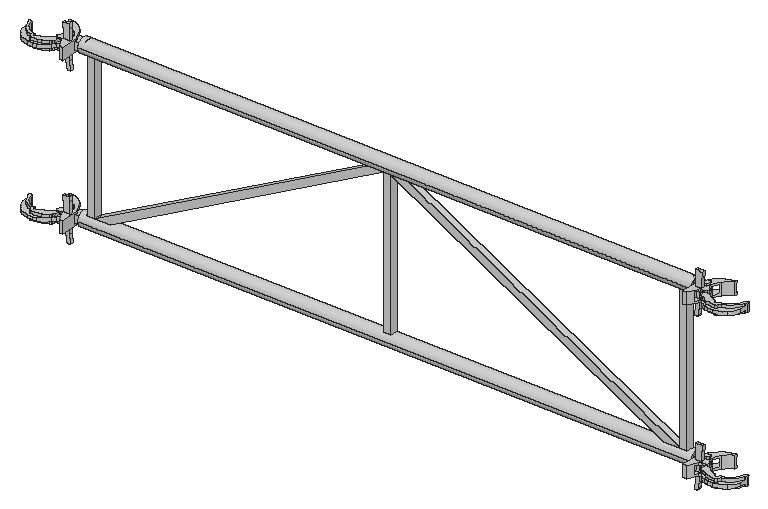
Revit family "EHL_BRACING FRAME 2,32_2220120", category Generic Models, Revit 2018
Family settings
  Can host rebar = No
  Round Connector Dimension = Use Diameter
  Part Type = Normal
  OmniClass Number = 35.51.14.00
  OmniClass Title = FORMWORK
  Work Plane-Based = Yes
  Always vertical = No
  Cut with Voids When Loaded = No
  Shared = Yes
  Room Calculation Point = No
Parameters
  VERSION = "20190101"  # constant formula
  URL = "www.ulmaconstruction.com/en"
  UNICLASS = ""
  ITEM_CODE = "2220120"
  Manufacturer = "ULMA CONSTRUCTION"  # constant formula
  FILTER [instance] = ""
  Default Elevation = 0.000 mm
  CLASSIFICATION_TITLE = ""
  CLASSIFICATION_NUMBER = ""
Reference planes
  plane 1 "Centro (Frontal/Posterior)": y = 0
  plane 2: z = 0
  plane 3 "Centro (Izquierda/Derecha)": x = 0
  plane 4 "SECOND HOOK": z = -530
  plane 5 "ITEM_LENGTH": x = 2320
Forms (mm)
  Extrusion 1, solid, material "ULMA ZINC", detail levels fine
    sketch origin (0, 0, 0) x (0, 1, 0) y (0, 0, 1)
      loop
        circle (0, 0) r 21.25
    from 112.779 to 131.962
  Extrusion 2, solid, material "ULMA ZINC", detail levels fine
    sketch origin (0, 0, 0) x (1, 0, 0) y (0, 1, 0)
      loop
        arc (-9.415, -54.949) -> (-39.125, -39.715) -> (-54.802, -10.236) r 55.75
        arc (-54.802, -10.236) -> (-55.276, -9.18) -> (-56.181, -8.458) r 2.46
        line (-56.181, -8.458) -> (-62.543, -5.491)
        arc (-62.543, -5.491) -> (-65.221, -5.854) -> (-66.004, -8.441) r 2.5
        line (-66.004, -8.441) -> (-65.503, -10.204) -> (-62.722, -35.861)
        arc (-62.722, -35.861) -> (-56.857, -54.21) -> (-44.498, -68.985) r 50.058
        arc (-44.498, -68.985) -> (-27.276, -79.37) -> (-7.835, -84.52) r 71.127
        line (-7.835, -84.52) -> (9.041, -84.52)
        arc (9.041, -84.52) -> (15.444, -83.458) -> (21.727, -81.83) r 72.924
        arc (21.727, -81.83) -> (38.94, -72.801) -> (51.518, -57.981) r 50.939
        arc (51.518, -57.981) -> (54.926, -53.297) -> (59.315, -49.519) r 25
        arc (59.315, -49.519) -> (69.169, -42.343) -> (78.5, -34.5) r 175.396
        line (78.5, -34.5) -> (79.668, -21.151)
        arc (79.668, -21.151) -> (80.95, -18.551) -> (83.653, -17.5) r 4
        line (83.653, -17.5) -> (112.779, -17.5) -> (112.779, 21) -> (110, 21) -> (80.183, 8.953)
        arc (80.183, 8.953) -> (63.164, -2.449) -> (52.146, -19.72) r 50
        arc (52.146, -19.72) -> (46.491, -30.767) -> (38.533, -40.29) r 55.75
        arc (38.533, -40.29) -> (25.075, -49.793) -> (9.427, -54.947) r 55.75
        arc (9.427, -54.947) -> (8.551, -55.329) -> (7.953, -56.073) r 2
        line (7.953, -56.073) -> (6.194, -59.845)
        arc (6.194, -59.845) -> (5.456, -60.687) -> (4.381, -61) r 2
        line (4.381, -61) -> (-4.381, -61)
        arc (-4.381, -61) -> (-5.456, -60.687) -> (-6.194, -59.845) r 2
        line (-6.194, -59.845) -> (-7.952, -56.075)
        spline (-7.952, -56.075) -> (-8.025, -55.934) -> (-8.109, -55.798) -> (-8.204, -55.67) -> (-8.309, -55.55) -> (-8.423, -55.439) -> (-8.546, -55.337) -> (-8.677, -55.246) -> (-8.814, -55.165) -> (-8.958, -55.096) -> (-9.107, -55.038) -> (-9.26, -54.992) -> (-9.415, -54.949)
      loop
        circle (75, -5) r 5.25
    from -14.2 to 14.2
  Extrusion 3, void
    sketch origin (0, 0, 0) x (0, -1, 0) y (0, 0, -1)
      loop
        arc (-9.288, -8.299) -> (-6.038, -6.696) -> (-4.724, -3.318) r 5
        line (-4.724, -3.318) -> (-4.724, 3.318)
        arc (-4.724, 3.318) -> (-6.038, 6.696) -> (-9.288, 8.299) r 5
        line (-9.288, 8.299) -> (-24, 9.586) -> (-24, -9.586) -> (-9.288, -8.299)
    from 69.04 to 137.016
  Extrusion 4, void
    sketch origin (0, 0, 0) x (1, 0, 0) y (0, 1, 0)
      loop
        arc (-17.172, -61.068) -> (-43.879, -45.835) -> (-60.07, -19.699) r 62.406
        line (-60.07, -19.699) -> (-66.013, -14.348) -> (-66.013, -86.27) -> (80.89, -86.27) -> (80.89, -20.894)
        arc (80.89, -20.894) -> (73.161, -21.045) -> (65.431, -21.139) r 1055.933
        arc (65.431, -21.139) -> (61.807, -25.128) -> (58.331, -29.248) r 147.622
        line (58.331, -29.248) -> (56.547, -48.914)
        arc (56.547, -48.914) -> (54.986, -51.483) -> (53.221, -53.917) r 36.931
        line (53.221, -53.917) -> (50.918, -56.844) -> (47.592, -60.536)
        arc (47.592, -60.536) -> (37.876, -65.558) -> (27.858, -69.948) r 170.736
        arc (27.858, -69.948) -> (11.017, -74.507) -> (-6.42, -75.069) r 75.203
        arc (-6.42, -75.069) -> (-10.277, -73.661) -> (-12.897, -70.501) r 7.858
        arc (-12.897, -70.501) -> (-15.044, -65.777) -> (-17.172, -61.068) r 2222.639
    from 5.6 to 14.2
  Extrusion 5, void
    sketch origin (0, 0, -35) x (1, 0, 0) y (0, 1, 0)
      loop
        arc (-17.172, -61.068) -> (-43.879, -45.835) -> (-60.07, -19.699) r 62.406
        line (-60.07, -19.699) -> (-66.013, -14.348) -> (-66.013, -86.27) -> (80.89, -86.27) -> (80.89, -20.894)
        arc (80.89, -20.894) -> (73.161, -21.045) -> (65.431, -21.139) r 1055.933
        arc (65.431, -21.139) -> (61.807, -25.128) -> (58.331, -29.248) r 147.622
        line (58.331, -29.248) -> (56.547, -48.914)
        arc (56.547, -48.914) -> (54.986, -51.483) -> (53.221, -53.917) r 36.931
        line (53.221, -53.917) -> (50.918, -56.844) -> (47.592, -60.536)
        arc (47.592, -60.536) -> (37.876, -65.558) -> (27.858, -69.948) r 170.736
        arc (27.858, -69.948) -> (11.017, -74.507) -> (-6.42, -75.069) r 75.203
        arc (-6.42, -75.069) -> (-10.277, -73.661) -> (-12.897, -70.501) r 7.858
        arc (-12.897, -70.501) -> (-15.044, -65.777) -> (-17.172, -61.068) r 2222.639
    from 20.8 to 29.4
  Extrusion 6, solid, material "ULMA ZINC", detail levels fine
    sketch origin (0, 0, 0) x (1, 0, 0) y (0, 1, 0)
      loop
        arc (88.479, 13.391) -> (63.063, 42.619) -> (26.896, 56.482) r 80
        arc (26.896, 56.482) -> (23.121, 54.016) -> (24.908, 49.876) r 3.5
        arc (24.908, 49.876) -> (39.309, 39.533) -> (49.734, 25.19) r 55.75
        arc (49.734, 25.19) -> (61.962, 1.553) -> (52.083, -23.159) r 32
        arc (52.083, -23.159) -> (50.416, -26.594) -> (48.522, -29.91) r 57
        arc (48.522, -29.91) -> (48.319, -32.667) -> (50.457, -34.42) r 3
        line (50.457, -34.42) -> (68.517, -38.23)
        arc (68.517, -38.23) -> (72.482, -40.036) -> (75.302, -43.357) r 10
        line (75.302, -43.357) -> (90.904, -73) -> (103.699, -73) -> (100.509, -12.123)
        arc (100.509, -12.123) -> (100.181, -10.058) -> (99.432, -8.106) r 10
        line (99.432, -8.106) -> (88.479, 13.391)
    from -19.75 to 19.75
  Extrusion 7, void
    sketch origin (0, 0, 0) x (1, 0, 0) y (0, 1, 0)
      loop
        arc (53.518, 21.701) -> (61.984, -1.023) -> (52.083, -23.159) r 32
        arc (52.083, -23.159) -> (50.416, -26.594) -> (48.522, -29.91) r 57
        arc (48.522, -29.91) -> (48.319, -32.667) -> (50.457, -34.42) r 3
        line (50.457, -34.42) -> (68.517, -38.23)
        arc (68.517, -38.23) -> (72.482, -40.036) -> (75.302, -43.357) r 10
        line (75.302, -43.357) -> (81.718, -55.548) -> (94, -55.548) -> (94, -23) -> (101.079, -23) -> (100.509, -12.123)
        arc (100.509, -12.123) -> (100.181, -10.058) -> (99.432, -8.106) r 10
        line (99.432, -8.106) -> (88.479, 13.391)
        arc (88.479, 13.391) -> (63.063, 42.619) -> (26.896, 56.482) r 80
        arc (26.896, 56.482) -> (24.143, 55.62) -> (22.972, 52.984) r 3.5
        arc (22.972, 52.984) -> (24.396, 52.344) -> (25.802, 51.665) r 57.75
        arc (25.802, 51.665) -> (42.395, 39.213) -> (53.518, 21.701) r 57.75
    from -14.75 to 14.75
  Extrusion 8, solid, material "ULMA ZINC", detail levels fine
    sketch origin (0, 0, 0) x (1, 0, 0) y (0, 0, 1)
      loop
        line (69.566, 68.569) -> (83.484, -66.214)
        arc (83.484, -66.214) -> (85.85, -70.589) -> (90.616, -72.011) r 6.499
        line (90.616, -72.011) -> (97.081, -71.344) -> (93.997, -41.477) -> (93.997, 55.885) -> (92.444, 70.931) -> (69.566, 68.569)
    from 23.25 to 31.75
  Extrusion 9, solid, material "ULMA ZINC", detail levels fine
    sketch origin (0, 0, 0) x (1, 0, 0) y (0, 1, 0)
      loop
        line (70.093, 3.5) -> (65.185, -5) -> (70.093, -13.5) -> (79.907, -13.5) -> (84.815, -5) -> (79.907, 3.5) -> (70.093, 3.5)
    from 19.75 to 26.75
  Extrusion 10, solid, material "ULMA ZINC", detail levels fine
    sketch origin (0, 0, -46.5) x (1, 0, 0) y (0, 1, 0)
      loop
        line (70.093, 3.5) -> (65.185, -5) -> (70.093, -13.5) -> (79.907, -13.5) -> (84.815, -5) -> (79.907, 3.5) -> (70.093, 3.5)
    from 19.75 to 26.75
  Extrusion 11, solid, material "ULMA ZINC", detail levels fine
    sketch origin (2320, 0, 0) x (0, 1, 0) y (0, 0, -1)
      loop
        circle (0, 0) r 21.25
    from 112.779 to 131.962
  Extrusion 12, solid, material "ULMA ZINC", detail levels fine
    sketch origin (2320, 0, 0) x (-1, 0, 0) y (0, -1, 0)
      loop
        spline (-9.415, 54.949) -> (-9.26, 54.992) -> (-9.107, 55.038) -> (-8.958, 55.096) -> (-8.814, 55.165) -> (-8.677, 55.246) -> (-8.546, 55.337) -> (-8.423, 55.439) -> (-8.309, 55.55) -> (-8.204, 55.67) -> (-8.109, 55.798) -> (-8.025, 55.934) -> (-7.952, 56.075)
        line (-7.952, 56.075) -> (-6.194, 59.845)
        arc (-6.194, 59.845) -> (-5.456, 60.687) -> (-4.381, 61) r 2
        line (-4.381, 61) -> (4.381, 61)
        arc (4.381, 61) -> (5.456, 60.687) -> (6.194, 59.845) r 2
        line (6.194, 59.845) -> (7.953, 56.073)
        arc (7.953, 56.073) -> (8.551, 55.329) -> (9.427, 54.947) r 2
        arc (9.427, 54.947) -> (25.075, 49.793) -> (38.533, 40.29) r 55.75
        arc (38.533, 40.29) -> (46.491, 30.767) -> (52.146, 19.72) r 55.75
        arc (52.146, 19.72) -> (63.164, 2.449) -> (80.183, -8.953) r 50
        line (80.183, -8.953) -> (110, -21) -> (112.779, -21) -> (112.779, 17.5) -> (83.653, 17.5)
        arc (83.653, 17.5) -> (80.95, 18.551) -> (79.668, 21.151) r 4
        line (79.668, 21.151) -> (78.5, 34.5)
        arc (78.5, 34.5) -> (69.169, 42.343) -> (59.315, 49.519) r 175.396
        arc (59.315, 49.519) -> (54.926, 53.297) -> (51.518, 57.981) r 25
        arc (51.518, 57.981) -> (38.94, 72.801) -> (21.727, 81.83) r 50.939
        arc (21.727, 81.83) -> (15.444, 83.458) -> (9.041, 84.52) r 72.924
        line (9.041, 84.52) -> (-7.835, 84.52)
        arc (-7.835, 84.52) -> (-27.276, 79.37) -> (-44.498, 68.985) r 71.127
        arc (-44.498, 68.985) -> (-56.857, 54.21) -> (-62.722, 35.861) r 50.058
        line (-62.722, 35.861) -> (-65.503, 10.204) -> (-66.004, 8.441)
        arc (-66.004, 8.441) -> (-65.221, 5.854) -> (-62.543, 5.491) r 2.5
        line (-62.543, 5.491) -> (-56.181, 8.458)
        arc (-56.181, 8.458) -> (-55.276, 9.18) -> (-54.802, 10.236) r 2.46
        arc (-54.802, 10.236) -> (-39.125, 39.715) -> (-9.415, 54.949) r 55.75
      loop
        circle (75, 5) r 5.25
    from -14.2 to 14.2
  Extrusion 13, void
    sketch origin (2320, 0, 0) x (0, -1, 0) y (0, 0, 1)
      loop
        line (-9.288, 8.299) -> (-24, 9.586) -> (-24, -9.586) -> (-9.288, -8.299)
        arc (-9.288, -8.299) -> (-6.038, -6.696) -> (-4.724, -3.318) r 5
        line (-4.724, -3.318) -> (-4.724, 3.318)
        arc (-4.724, 3.318) -> (-6.038, 6.696) -> (-9.288, 8.299) r 5
    from 69.04 to 137.016
  Extrusion 14, void
    sketch origin (2320, 0, -35) x (-1, 0, 0) y (0, -1, 0)
      loop
        arc (-17.172, 61.068) -> (-15.044, 65.777) -> (-12.897, 70.501) r 2222.639
        arc (-12.897, 70.501) -> (-10.277, 73.661) -> (-6.42, 75.069) r 7.858
        arc (-6.42, 75.069) -> (11.017, 74.507) -> (27.858, 69.948) r 75.203
        arc (27.858, 69.948) -> (37.876, 65.558) -> (47.592, 60.536) r 170.736
        line (47.592, 60.536) -> (50.918, 56.844) -> (53.221, 53.917)
        arc (53.221, 53.917) -> (54.986, 51.483) -> (56.547, 48.914) r 36.931
        line (56.547, 48.914) -> (58.331, 29.248)
        arc (58.331, 29.248) -> (61.807, 25.128) -> (65.431, 21.139) r 147.622
        arc (65.431, 21.139) -> (73.161, 21.045) -> (80.89, 20.894) r 1055.933
        line (80.89, 20.894) -> (80.89, 86.27) -> (-66.013, 86.27) -> (-66.013, 14.348) -> (-60.07, 19.699)
        arc (-60.07, 19.699) -> (-43.879, 45.835) -> (-17.172, 61.068) r 62.406
    from 20.8 to 29.4
  Extrusion 15, solid, material "ULMA ZINC", detail levels fine
    sketch origin (2320, 0, 0) x (-1, 0, 0) y (0, -1, 0)
      loop
        line (88.479, -13.391) -> (99.432, 8.106)
        arc (99.432, 8.106) -> (100.181, 10.058) -> (100.509, 12.123) r 10
        line (100.509, 12.123) -> (103.699, 73) -> (90.904, 73) -> (75.302, 43.357)
        arc (75.302, 43.357) -> (72.482, 40.036) -> (68.517, 38.23) r 10
        line (68.517, 38.23) -> (50.457, 34.42)
        arc (50.457, 34.42) -> (48.319, 32.667) -> (48.522, 29.91) r 3
        arc (48.522, 29.91) -> (50.416, 26.594) -> (52.083, 23.159) r 57
        arc (52.083, 23.159) -> (61.962, -1.553) -> (49.734, -25.19) r 32
        arc (49.734, -25.19) -> (39.309, -39.533) -> (24.908, -49.876) r 55.75
        arc (24.908, -49.876) -> (23.121, -54.016) -> (26.896, -56.482) r 3.5
        arc (26.896, -56.482) -> (63.063, -42.619) -> (88.479, -13.391) r 80
    from -19.75 to 19.75
  Extrusion 16, void
    sketch origin (2320, 0, 0) x (-1, 0, 0) y (0, -1, 0)
      loop
        arc (53.518, -21.701) -> (42.395, -39.213) -> (25.802, -51.665) r 57.75
        arc (25.802, -51.665) -> (24.396, -52.344) -> (22.972, -52.984) r 57.75
        arc (22.972, -52.984) -> (24.143, -55.62) -> (26.896, -56.482) r 3.5
        arc (26.896, -56.482) -> (63.063, -42.619) -> (88.479, -13.391) r 80
        line (88.479, -13.391) -> (99.432, 8.106)
        arc (99.432, 8.106) -> (100.181, 10.058) -> (100.509, 12.123) r 10
        line (100.509, 12.123) -> (101.079, 23) -> (94, 23) -> (94, 55.548) -> (81.718, 55.548) -> (75.302, 43.357)
        arc (75.302, 43.357) -> (72.482, 40.036) -> (68.517, 38.23) r 10
        line (68.517, 38.23) -> (50.457, 34.42)
        arc (50.457, 34.42) -> (48.319, 32.667) -> (48.522, 29.91) r 3
        arc (48.522, 29.91) -> (50.416, 26.594) -> (52.083, 23.159) r 57
        arc (52.083, 23.159) -> (61.984, 1.023) -> (53.518, -21.701) r 32
    from -14.75 to 14.75
  Extrusion 17, solid, material "ULMA ZINC", detail levels fine
    sketch origin (2320, 0, 0) x (-1, 0, 0) y (0, 0, -1)
      loop
        line (69.566, -68.569) -> (92.444, -70.931) -> (93.997, -55.885) -> (93.997, 41.477) -> (97.081, 71.344) -> (90.616, 72.011)
        arc (90.616, 72.011) -> (85.85, 70.589) -> (83.484, 66.214) r 6.499
        line (83.484, 66.214) -> (69.566, -68.569)
    from 23.25 to 31.75
  Extrusion 18, solid, material "ULMA ZINC", detail levels fine
    sketch origin (2320, 0, 0) x (-1, 0, 0) y (0, -1, 0)
      loop
        line (70.093, -3.5) -> (79.907, -3.5) -> (84.815, 5) -> (79.907, 13.5) -> (70.093, 13.5) -> (65.185, 5) -> (70.093, -3.5)
    from 19.75 to 26.75
  Extrusion 19, void
    sketch origin (2320, 0, -15.2) x (-1, 0, 0) y (0, -1, 0)
      loop
        arc (-17.172, 61.068) -> (-15.044, 65.777) -> (-12.897, 70.501) r 2222.639
        arc (-12.897, 70.501) -> (-10.277, 73.661) -> (-6.42, 75.069) r 7.858
        arc (-6.42, 75.069) -> (11.017, 74.507) -> (27.858, 69.948) r 75.203
        arc (27.858, 69.948) -> (37.876, 65.558) -> (47.592, 60.536) r 170.736
        line (47.592, 60.536) -> (50.918, 56.844) -> (53.221, 53.917)
        arc (53.221, 53.917) -> (54.986, 51.483) -> (56.547, 48.914) r 36.931
        line (56.547, 48.914) -> (58.331, 29.248)
        arc (58.331, 29.248) -> (61.807, 25.128) -> (65.431, 21.139) r 147.622
        arc (65.431, 21.139) -> (73.161, 21.045) -> (80.89, 20.894) r 1055.933
        line (80.89, 20.894) -> (80.89, 86.27) -> (-66.013, 86.27) -> (-66.013, 14.348) -> (-60.07, 19.699)
        arc (-60.07, 19.699) -> (-43.879, 45.835) -> (-17.172, 61.068) r 62.406
    from 20.8 to 29.4
  Extrusion 20, solid, material "ULMA ZINC", detail levels fine
    sketch origin (0, 0, -530) x (0, 1, 0) y (0, 0, 1)
      loop
        circle (0, 0) r 21.25
    from 112.779 to 131.962
  Extrusion 21, solid, material "ULMA ZINC", detail levels fine
    sketch origin (0, 0, -530) x (1, 0, 0) y (0, 1, 0)
      loop
        arc (-9.415, -54.949) -> (-39.125, -39.715) -> (-54.802, -10.236) r 55.75
        arc (-54.802, -10.236) -> (-55.276, -9.18) -> (-56.181, -8.458) r 2.46
        line (-56.181, -8.458) -> (-62.543, -5.491)
        arc (-62.543, -5.491) -> (-65.221, -5.854) -> (-66.004, -8.441) r 2.5
        line (-66.004, -8.441) -> (-65.503, -10.204) -> (-62.722, -35.861)
        arc (-62.722, -35.861) -> (-56.857, -54.21) -> (-44.498, -68.985) r 50.058
        arc (-44.498, -68.985) -> (-27.276, -79.37) -> (-7.835, -84.52) r 71.127
        line (-7.835, -84.52) -> (9.041, -84.52)
        arc (9.041, -84.52) -> (15.444, -83.458) -> (21.727, -81.83) r 72.924
        arc (21.727, -81.83) -> (38.94, -72.801) -> (51.518, -57.981) r 50.939
        arc (51.518, -57.981) -> (54.926, -53.297) -> (59.315, -49.519) r 25
        arc (59.315, -49.519) -> (69.169, -42.343) -> (78.5, -34.5) r 175.396
        line (78.5, -34.5) -> (79.668, -21.151)
        arc (79.668, -21.151) -> (80.95, -18.551) -> (83.653, -17.5) r 4
        line (83.653, -17.5) -> (112.779, -17.5) -> (112.779, 21) -> (110, 21) -> (80.183, 8.953)
        arc (80.183, 8.953) -> (63.164, -2.449) -> (52.146, -19.72) r 50
        arc (52.146, -19.72) -> (46.491, -30.767) -> (38.533, -40.29) r 55.75
        arc (38.533, -40.29) -> (25.075, -49.793) -> (9.427, -54.947) r 55.75
        arc (9.427, -54.947) -> (8.551, -55.329) -> (7.953, -56.073) r 2
        line (7.953, -56.073) -> (6.194, -59.845)
        arc (6.194, -59.845) -> (5.456, -60.687) -> (4.381, -61) r 2
        line (4.381, -61) -> (-4.381, -61)
        arc (-4.381, -61) -> (-5.456, -60.687) -> (-6.194, -59.845) r 2
        line (-6.194, -59.845) -> (-7.952, -56.075)
        spline (-7.952, -56.075) -> (-8.025, -55.934) -> (-8.109, -55.798) -> (-8.204, -55.67) -> (-8.309, -55.55) -> (-8.423, -55.439) -> (-8.546, -55.337) -> (-8.677, -55.246) -> (-8.814, -55.165) -> (-8.958, -55.096) -> (-9.107, -55.038) -> (-9.26, -54.992) -> (-9.415, -54.949)
      loop
        circle (75, -5) r 5.25
    from -14.2 to 14.2
  Extrusion 22, void
    sketch origin (0, 0, -530) x (0, -1, 0) y (0, 0, -1)
      loop
        arc (-9.288, -8.299) -> (-6.038, -6.696) -> (-4.724, -3.318) r 5
        line (-4.724, -3.318) -> (-4.724, 3.318)
        arc (-4.724, 3.318) -> (-6.038, 6.696) -> (-9.288, 8.299) r 5
        line (-9.288, 8.299) -> (-24, 9.586) -> (-24, -9.586) -> (-9.288, -8.299)
    from 69.04 to 137.016
  Extrusion 23, void
    sketch origin (0, 0, -565) x (1, 0, 0) y (0, 1, 0)
      loop
        arc (-17.172, -61.068) -> (-43.879, -45.835) -> (-60.07, -19.699) r 62.406
        line (-60.07, -19.699) -> (-66.013, -14.348) -> (-66.013, -86.27) -> (80.89, -86.27) -> (80.89, -20.894)
        arc (80.89, -20.894) -> (73.161, -21.045) -> (65.431, -21.139) r 1055.933
        arc (65.431, -21.139) -> (61.807, -25.128) -> (58.331, -29.248) r 147.622
        line (58.331, -29.248) -> (56.547, -48.914)
        arc (56.547, -48.914) -> (54.986, -51.483) -> (53.221, -53.917) r 36.931
        line (53.221, -53.917) -> (50.918, -56.844) -> (47.592, -60.536)
        arc (47.592, -60.536) -> (37.876, -65.558) -> (27.858, -69.948) r 170.736
        arc (27.858, -69.948) -> (11.017, -74.507) -> (-6.42, -75.069) r 75.203
        arc (-6.42, -75.069) -> (-10.277, -73.661) -> (-12.897, -70.501) r 7.858
        arc (-12.897, -70.501) -> (-15.044, -65.777) -> (-17.172, -61.068) r 2222.639
    from 20.8 to 29.4
  Extrusion 24, solid, material "ULMA ZINC", detail levels fine
    sketch origin (0, 0, -530) x (1, 0, 0) y (0, 1, 0)
      loop
        arc (88.479, 13.391) -> (63.063, 42.619) -> (26.896, 56.482) r 80
        arc (26.896, 56.482) -> (23.121, 54.016) -> (24.908, 49.876) r 3.5
        arc (24.908, 49.876) -> (39.309, 39.533) -> (49.734, 25.19) r 55.75
        arc (49.734, 25.19) -> (61.962, 1.553) -> (52.083, -23.159) r 32
        arc (52.083, -23.159) -> (50.416, -26.594) -> (48.522, -29.91) r 57
        arc (48.522, -29.91) -> (48.319, -32.667) -> (50.457, -34.42) r 3
        line (50.457, -34.42) -> (68.517, -38.23)
        arc (68.517, -38.23) -> (72.482, -40.036) -> (75.302, -43.357) r 10
        line (75.302, -43.357) -> (90.904, -73) -> (103.699, -73) -> (100.509, -12.123)
        arc (100.509, -12.123) -> (100.181, -10.058) -> (99.432, -8.106) r 10
        line (99.432, -8.106) -> (88.479, 13.391)
    from -19.75 to 19.75
  Extrusion 25, void
    sketch origin (0, 0, -530) x (1, 0, 0) y (0, 1, 0)
      loop
        arc (53.518, 21.701) -> (61.984, -1.023) -> (52.083, -23.159) r 32
        arc (52.083, -23.159) -> (50.416, -26.594) -> (48.522, -29.91) r 57
        arc (48.522, -29.91) -> (48.319, -32.667) -> (50.457, -34.42) r 3
        line (50.457, -34.42) -> (68.517, -38.23)
        arc (68.517, -38.23) -> (72.482, -40.036) -> (75.302, -43.357) r 10
        line (75.302, -43.357) -> (81.718, -55.548) -> (94, -55.548) -> (94, -23) -> (101.079, -23) -> (100.509, -12.123)
        arc (100.509, -12.123) -> (100.181, -10.058) -> (99.432, -8.106) r 10
        line (99.432, -8.106) -> (88.479, 13.391)
        arc (88.479, 13.391) -> (63.063, 42.619) -> (26.896, 56.482) r 80
        arc (26.896, 56.482) -> (24.143, 55.62) -> (22.972, 52.984) r 3.5
        arc (22.972, 52.984) -> (24.396, 52.344) -> (25.802, 51.665) r 57.75
        arc (25.802, 51.665) -> (42.395, 39.213) -> (53.518, 21.701) r 57.75
    from -14.75 to 14.75
  Extrusion 26, solid, material "ULMA ZINC", detail levels fine
    sketch origin (0, 0, -530) x (1, 0, 0) y (0, 0, 1)
      loop
        line (69.566, 68.569) -> (83.484, -66.214)
        arc (83.484, -66.214) -> (85.85, -70.589) -> (90.616, -72.011) r 6.499
        line (90.616, -72.011) -> (97.081, -71.344) -> (93.997, -41.477) -> (93.997, 55.885) -> (92.444, 70.931) -> (69.566, 68.569)
    from 23.25 to 31.75
  Extrusion 27, solid, material "ULMA ZINC", detail levels fine
    sketch origin (0, 0, -530) x (1, 0, 0) y (0, 1, 0)
      loop
        line (70.093, 3.5) -> (65.185, -5) -> (70.093, -13.5) -> (79.907, -13.5) -> (84.815, -5) -> (79.907, 3.5) -> (70.093, 3.5)
    from 19.75 to 26.75
  Extrusion 28, solid, material "ULMA ZINC", detail levels fine
    sketch origin (0, 0, -576.5) x (1, 0, 0) y (0, 1, 0)
      loop
        line (70.093, 3.5) -> (65.185, -5) -> (70.093, -13.5) -> (79.907, -13.5) -> (84.815, -5) -> (79.907, 3.5) -> (70.093, 3.5)
    from 19.75 to 26.75
  Extrusion 29, solid, material "ULMA ZINC", detail levels fine
    sketch origin (2320, 0, -530) x (0, 1, 0) y (0, 0, -1)
      loop
        circle (0, 0) r 21.25
    from 112.779 to 131.962
  Extrusion 30, solid, material "ULMA ZINC", detail levels fine
    sketch origin (2320, 0, -530) x (-1, 0, 0) y (0, -1, 0)
      loop
        spline (-9.415, 54.949) -> (-9.26, 54.992) -> (-9.107, 55.038) -> (-8.958, 55.096) -> (-8.814, 55.165) -> (-8.677, 55.246) -> (-8.546, 55.337) -> (-8.423, 55.439) -> (-8.309, 55.55) -> (-8.204, 55.67) -> (-8.109, 55.798) -> (-8.025, 55.934) -> (-7.952, 56.075)
        line (-7.952, 56.075) -> (-6.194, 59.845)
        arc (-6.194, 59.845) -> (-5.456, 60.687) -> (-4.381, 61) r 2
        line (-4.381, 61) -> (4.381, 61)
        arc (4.381, 61) -> (5.456, 60.687) -> (6.194, 59.845) r 2
        line (6.194, 59.845) -> (7.953, 56.073)
        arc (7.953, 56.073) -> (8.551, 55.329) -> (9.427, 54.947) r 2
        arc (9.427, 54.947) -> (25.075, 49.793) -> (38.533, 40.29) r 55.75
        arc (38.533, 40.29) -> (46.491, 30.767) -> (52.146, 19.72) r 55.75
        arc (52.146, 19.72) -> (63.164, 2.449) -> (80.183, -8.953) r 50
        line (80.183, -8.953) -> (110, -21) -> (112.779, -21) -> (112.779, 17.5) -> (83.653, 17.5)
        arc (83.653, 17.5) -> (80.95, 18.551) -> (79.668, 21.151) r 4
        line (79.668, 21.151) -> (78.5, 34.5)
        arc (78.5, 34.5) -> (69.169, 42.343) -> (59.315, 49.519) r 175.396
        arc (59.315, 49.519) -> (54.926, 53.297) -> (51.518, 57.981) r 25
        arc (51.518, 57.981) -> (38.94, 72.801) -> (21.727, 81.83) r 50.939
        arc (21.727, 81.83) -> (15.444, 83.458) -> (9.041, 84.52) r 72.924
        line (9.041, 84.52) -> (-7.835, 84.52)
        arc (-7.835, 84.52) -> (-27.276, 79.37) -> (-44.498, 68.985) r 71.127
        arc (-44.498, 68.985) -> (-56.857, 54.21) -> (-62.722, 35.861) r 50.058
        line (-62.722, 35.861) -> (-65.503, 10.204) -> (-66.004, 8.441)
        arc (-66.004, 8.441) -> (-65.221, 5.854) -> (-62.543, 5.491) r 2.5
        line (-62.543, 5.491) -> (-56.181, 8.458)
        arc (-56.181, 8.458) -> (-55.276, 9.18) -> (-54.802, 10.236) r 2.46
        arc (-54.802, 10.236) -> (-39.125, 39.715) -> (-9.415, 54.949) r 55.75
      loop
        circle (75, 5) r 5.25
    from -14.2 to 14.2
  Extrusion 31, void
    sketch origin (2320, 0, -530) x (0, -1, 0) y (0, 0, 1)
      loop
        line (-9.288, 8.299) -> (-24, 9.586) -> (-24, -9.586) -> (-9.288, -8.299)
        arc (-9.288, -8.299) -> (-6.038, -6.696) -> (-4.724, -3.318) r 5
        line (-4.724, -3.318) -> (-4.724, 3.318)
        arc (-4.724, 3.318) -> (-6.038, 6.696) -> (-9.288, 8.299) r 5
    from 69.04 to 137.016
  Extrusion 32, void
    sketch origin (2320, 0, -565) x (-1, 0, 0) y (0, -1, 0)
      loop
        arc (-17.172, 61.068) -> (-15.044, 65.777) -> (-12.897, 70.501) r 2222.639
        arc (-12.897, 70.501) -> (-10.277, 73.661) -> (-6.42, 75.069) r 7.858
        arc (-6.42, 75.069) -> (11.017, 74.507) -> (27.858, 69.948) r 75.203
        arc (27.858, 69.948) -> (37.876, 65.558) -> (47.592, 60.536) r 170.736
        line (47.592, 60.536) -> (50.918, 56.844) -> (53.221, 53.917)
        arc (53.221, 53.917) -> (54.986, 51.483) -> (56.547, 48.914) r 36.931
        line (56.547, 48.914) -> (58.331, 29.248)
        arc (58.331, 29.248) -> (61.807, 25.128) -> (65.431, 21.139) r 147.622
        arc (65.431, 21.139) -> (73.161, 21.045) -> (80.89, 20.894) r 1055.933
        line (80.89, 20.894) -> (80.89, 86.27) -> (-66.013, 86.27) -> (-66.013, 14.348) -> (-60.07, 19.699)
        arc (-60.07, 19.699) -> (-43.879, 45.835) -> (-17.172, 61.068) r 62.406
    from 20.8 to 29.4
  Extrusion 33, solid, material "ULMA ZINC", detail levels fine
    sketch origin (2320, 0, -530) x (-1, 0, 0) y (0, -1, 0)
      loop
        line (88.479, -13.391) -> (99.432, 8.106)
        arc (99.432, 8.106) -> (100.181, 10.058) -> (100.509, 12.123) r 10
        line (100.509, 12.123) -> (103.699, 73) -> (90.904, 73) -> (75.302, 43.357)
        arc (75.302, 43.357) -> (72.482, 40.036) -> (68.517, 38.23) r 10
        line (68.517, 38.23) -> (50.457, 34.42)
        arc (50.457, 34.42) -> (48.319, 32.667) -> (48.522, 29.91) r 3
        arc (48.522, 29.91) -> (50.416, 26.594) -> (52.083, 23.159) r 57
        arc (52.083, 23.159) -> (61.962, -1.553) -> (49.734, -25.19) r 32
        arc (49.734, -25.19) -> (39.309, -39.533) -> (24.908, -49.876) r 55.75
        arc (24.908, -49.876) -> (23.121, -54.016) -> (26.896, -56.482) r 3.5
        arc (26.896, -56.482) -> (63.063, -42.619) -> (88.479, -13.391) r 80
    from -19.75 to 19.75
  Extrusion 34, void
    sketch origin (2320, 0, -530) x (-1, 0, 0) y (0, -1, 0)
      loop
        arc (53.518, -21.701) -> (42.395, -39.213) -> (25.802, -51.665) r 57.75
        arc (25.802, -51.665) -> (24.396, -52.344) -> (22.972, -52.984) r 57.75
        arc (22.972, -52.984) -> (24.143, -55.62) -> (26.896, -56.482) r 3.5
        arc (26.896, -56.482) -> (63.063, -42.619) -> (88.479, -13.391) r 80
        line (88.479, -13.391) -> (99.432, 8.106)
        arc (99.432, 8.106) -> (100.181, 10.058) -> (100.509, 12.123) r 10
        line (100.509, 12.123) -> (101.079, 23) -> (94, 23) -> (94, 55.548) -> (81.718, 55.548) -> (75.302, 43.357)
        arc (75.302, 43.357) -> (72.482, 40.036) -> (68.517, 38.23) r 10
        line (68.517, 38.23) -> (50.457, 34.42)
        arc (50.457, 34.42) -> (48.319, 32.667) -> (48.522, 29.91) r 3
        arc (48.522, 29.91) -> (50.416, 26.594) -> (52.083, 23.159) r 57
        arc (52.083, 23.159) -> (61.984, 1.023) -> (53.518, -21.701) r 32
    from -14.75 to 14.75
  Extrusion 35, solid, material "ULMA ZINC", detail levels fine
    sketch origin (2320, 0, -530) x (-1, 0, 0) y (0, 0, -1)
      loop
        line (69.566, -68.569) -> (92.444, -70.931) -> (93.997, -55.885) -> (93.997, 41.477) -> (97.081, 71.344) -> (90.616, 72.011)
        arc (90.616, 72.011) -> (85.85, 70.589) -> (83.484, 66.214) r 6.499
        line (83.484, 66.214) -> (69.566, -68.569)
    from 23.25 to 31.75
  Extrusion 36, solid, material "ULMA ZINC", detail levels fine
    sketch origin (2320, 0, -530) x (-1, 0, 0) y (0, -1, 0)
      loop
        line (70.093, -3.5) -> (79.907, -3.5) -> (84.815, 5) -> (79.907, 13.5) -> (70.093, 13.5) -> (65.185, 5) -> (70.093, -3.5)
    from 19.75 to 26.75
  Extrusion 37, void
    sketch origin (2320, 0, -545.2) x (-1, 0, 0) y (0, -1, 0)
      loop
        arc (-17.172, 61.068) -> (-15.044, 65.777) -> (-12.897, 70.501) r 2222.639
        arc (-12.897, 70.501) -> (-10.277, 73.661) -> (-6.42, 75.069) r 7.858
        arc (-6.42, 75.069) -> (11.017, 74.507) -> (27.858, 69.948) r 75.203
        arc (27.858, 69.948) -> (37.876, 65.558) -> (47.592, 60.536) r 170.736
        line (47.592, 60.536) -> (50.918, 56.844) -> (53.221, 53.917)
        arc (53.221, 53.917) -> (54.986, 51.483) -> (56.547, 48.914) r 36.931
        line (56.547, 48.914) -> (58.331, 29.248)
        arc (58.331, 29.248) -> (61.807, 25.128) -> (65.431, 21.139) r 147.622
        arc (65.431, 21.139) -> (73.161, 21.045) -> (80.89, 20.894) r 1055.933
        line (80.89, 20.894) -> (80.89, 86.27) -> (-66.013, 86.27) -> (-66.013, 14.348) -> (-60.07, 19.699)
        arc (-60.07, 19.699) -> (-43.879, 45.835) -> (-17.172, 61.068) r 62.406
    from 20.8 to 29.4
  Extrusion 38, void
    sketch origin (0, 0, -530) x (1, 0, 0) y (0, 1, 0)
      loop
        arc (-17.172, -61.068) -> (-43.879, -45.835) -> (-60.07, -19.699) r 62.406
        line (-60.07, -19.699) -> (-66.013, -14.348) -> (-66.013, -86.27) -> (80.89, -86.27) -> (80.89, -20.894)
        arc (80.89, -20.894) -> (73.161, -21.045) -> (65.431, -21.139) r 1055.933
        arc (65.431, -21.139) -> (61.807, -25.128) -> (58.331, -29.248) r 147.622
        line (58.331, -29.248) -> (56.547, -48.914)
        arc (56.547, -48.914) -> (54.986, -51.483) -> (53.221, -53.917) r 36.931
        line (53.221, -53.917) -> (50.918, -56.844) -> (47.592, -60.536)
        arc (47.592, -60.536) -> (37.876, -65.558) -> (27.858, -69.948) r 170.736
        arc (27.858, -69.948) -> (11.017, -74.507) -> (-6.42, -75.069) r 75.203
        arc (-6.42, -75.069) -> (-10.277, -73.661) -> (-12.897, -70.501) r 7.858
        arc (-12.897, -70.501) -> (-15.044, -65.777) -> (-17.172, -61.068) r 2222.639
    from 5.6 to 14.2
  Extrusion 39, solid, material "ULMA ZINC", detail levels medium+fine
    sketch origin (0, 0, 0) x (0, 1, 0) y (0, 0, 1)
      loop
        circle (0, 0) r 24
      loop
        circle (0, -530) r 24
    from 115 to 2205
  Extrusion 40, solid, material "ULMA ZINC", detail levels medium+fine
    sketch origin (0, 0, 0) x (1, 0, 0) y (0, 1, 0)
      loop
        line (162.5, 12.5) -> (137.5, 12.5) -> (137.5, -12.5) -> (162.5, -12.5) -> (162.5, 12.5)
      loop
        line (1172.5, 12.5) -> (1147.5, 12.5) -> (1147.5, -12.5) -> (1172.5, -12.5) -> (1172.5, 12.5)
      loop
        line (2182.505, 12.5) -> (2157.505, 12.5) -> (2157.505, -12.5) -> (2182.505, -12.5) -> (2182.505, 12.5)
    from -509.429 to -20.571
  Extrusion 41, solid, material "ULMA ZINC", detail levels medium+fine
    sketch origin (0, 0, 0) x (1, 0, 0) y (0, 0, 1)
      loop
        line (1226.503, -21.071) -> (1172.648, -21.071) -> (2103.497, -508.929) -> (2157.352, -508.929) -> (1226.503, -21.071)
      loop
        line (1093.497, -21.071) -> (162.648, -508.929) -> (216.503, -508.929) -> (1147.352, -21.071) -> (1093.497, -21.071)
    from -12.5 to 12.5
  Extrusion 42, solid, material "ULMA ZINC", detail levels fine
    sketch origin (2320, 0, -46.5) x (-1, 0, 0) y (0, -1, 0)
      loop
        line (70.093, -3.5) -> (79.907, -3.5) -> (84.815, 5) -> (79.907, 13.5) -> (70.093, 13.5) -> (65.185, 5) -> (70.093, -3.5)
    from 19.75 to 26.75
  Extrusion 43, solid, material "ULMA ZINC", detail levels fine
    sketch origin (2320, 0, -576.5) x (-1, 0, 0) y (0, -1, 0)
      loop
        line (70.093, -3.5) -> (79.907, -3.5) -> (84.815, 5) -> (79.907, 13.5) -> (70.093, 13.5) -> (65.185, 5) -> (70.093, -3.5)
    from 19.75 to 26.75
  Extrusion 44, solid, material "ULMA ZINC", detail levels medium
    sketch origin (0, 0, 0) x (1, 0, 0) y (0, 1, 0)
      loop
        line (-65, 85) -> (-65, -85) -> (115, -85) -> (115, 85) -> (-65, 85)
    from -14.2 to 14.2
  Extrusion 45, solid, material "ULMA ZINC", detail levels medium
    sketch origin (2270, 0, 0) x (1, 0, 0) y (0, 1, 0)
      loop
        line (-65, 85) -> (-65, -85) -> (115, -85) -> (115, 85) -> (-65, 85)
    from -14.2 to 14.2
  Extrusion 46, solid, material "ULMA ZINC", detail levels medium
    sketch origin (0, 0, -530) x (1, 0, 0) y (0, 1, 0)
      loop
        line (-65, 85) -> (-65, -85) -> (115, -85) -> (115, 85) -> (-65, 85)
    from -14.2 to 14.2
  Extrusion 47, solid, material "ULMA ZINC", detail levels medium
    sketch origin (2270, 0, -530) x (1, 0, 0) y (0, 1, 0)
      loop
        line (-65, 85) -> (-65, -85) -> (115, -85) -> (115, 85) -> (-65, 85)
    from -14.2 to 14.2
Cuts and joins
  Extrusion 3, Extrusion 13, Extrusion 22 cuts Extrusion 1
  Extrusion 3, Extrusion 4, Extrusion 5, Extrusion 13, Extrusion 16, Extrusion 22, Extrusion 25 cuts Extrusion 2
  Extrusion 7, Extrusion 16, Extrusion 25 cuts Extrusion 6
  Extrusion 13, Extrusion 31 cuts Extrusion 11
  Extrusion 13, Extrusion 14, Extrusion 19, Extrusion 31, Extrusion 34 cuts Extrusion 12
  Extrusion 13, Extrusion 16, Extrusion 34 cuts Extrusion 15
  Extrusion 23, Extrusion 25, Extrusion 38 cuts Extrusion 8
  Extrusion 32, Extrusion 34, Extrusion 37 cuts Extrusion 17
  Extrusion 22 cuts Extrusion 20
  Extrusion 22, Extrusion 23, Extrusion 38 cuts Extrusion 21
  Extrusion 22, Extrusion 25 cuts Extrusion 24
  Extrusion 31 cuts Extrusion 29
  Extrusion 31, Extrusion 32, Extrusion 37 cuts Extrusion 30
  Extrusion 31, Extrusion 34 cuts Extrusion 33
Lines and regions (mm)
  model lines, style "ULMA BRACING", detail levels coarse
    curve 1: line (0, 0, -530) -> (2320, 0, -530)
    curve 2: line (150, 0, 0) -> (150, 0, -530)
    curve 3: line (1160, 0, 0) -> (1160, 0, -530)
    curve 4: line (2170.005, 0, 0) -> (2170.005, 0, -530)
    curve 5: line (0, 0, 0) -> (2320, 0, 0)
    curve 6: line (150, 0, -530) -> (1160, 0, 0)
    curve 7: line (1160, 0, 0) -> (2170.005, 0, -530)
Dimensions and locks
  locked: plane 2 to plane 4 "SECOND HOOK" at 530
  locked: plane 5 "ITEM_LENGTH" to plane 3 "Centro (Izquierda/Derecha)" at 2320
  aligned and locked: level to plane 2
